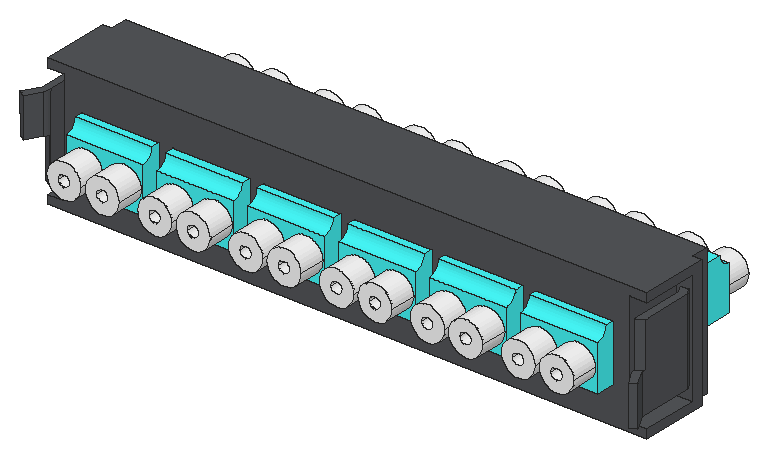
Revit family "LC Duplex 12 fibras", category Installations électriques, Revit 2020
Family settings
  Conserver l'orientation des annotations = Non
  Cote de connecteur circulaire = Utiliser le diamètre
  Type d'élément = Normal
  Basée sur le plan de construction = Non
  Toujours verticalement = Oui
  Couper avec des vides une fois chargée = Non
  Partagée = Non
  Point de calcul de pièce = Non
Parameters (values of type "Panel de adaptadores LC Duplex(AQUA)_POUR_12_FIBRES_MULTIMODE")
  Tipo de la fibra óptica = "Mutlimodal"
  Tipo de conector interno = "LC_DUPLEX"
  Tipo de conector externo = "LC_DUPLEX"
  Temperatura operativa = "-10°C à 60°C"
  Temperatura de almacenamiento = "-10°C à 60°C"
  Profundidad = 38.4 mm
  Número de pieza Legrand = "032137"
  Número de conectores = 12
  Numero RAL = "9017"
  IP = "IP20"
  IK = "IK04"
  Función = "Paneles de interconexión con optical conector Legrand"
  Formulación BIM = "Panel de adaptadores LC Duplex aqua 12 fibras multimodal"
  Elévation par défaut = 0 mm
  EAN = "3414971400313"
  E-catalogo enlace = "https://www.legrand.fr/reference/032137/pro"
  Color de los conectores = IDS_CYAN
  Color = IDS_NOIR
  Clasificación ETIM = "EC001130"
  Anchura de los conectores = 13.5 mm
  Anchura de la apertura = 6 mm
  Anchura (mm) = 108.8 mm
  Altura de los conectores = 10 mm
  Altura de la apertura = 6.5 mm
  Altura = 23 mm
Types (4, lengths in mm): name | Tipo de la fibra óptica | Tipo de conector interno | Tipo de conector externo | Número de pieza Legrand | Formulación BIM | EAN | E-catalogo enlace | Color de los conectores
  Panel de adaptadores LC Duplex 12 fibras monomodal | "unimodal" | "LC_DUPLEX" | "LC_DUPLEX" | "032114" | "Panel de adaptadores LC Duplex 12 fibras monomodal" | "3414970961730" | "https://www.legrand.fr/reference/032114/pro" | IDS_BLEU
  Panel de adaptadores LC APC 12 fibras monomodal | "unimodal" | "LC-DUPLEX" | "LC-DUPLEX" | "032116" | "Panel de adaptadores LC APC 12 fibras monomodal" | "3414970961778" | "https://www.legrand.fr/reference/032116/pro" | IDS_CYAN
  Panel de adaptadores LC Duplex 12 fibras multimodal | "Mutlimodal" | "LC_DUPLEX" | "LC_DUPLEX" | "032124" | "Panel de adaptadores LC Duplex 12 fibras multimodal" | "3414970961877" | "https://www.legrand.fr/reference/032124/pro" | IDS_JAUNE
  Panel de adaptadores LC Duplex(AQUA)_POUR_12_FIBRES_MULTIMODE | "Mutlimodal" | "LC_DUPLEX" | "LC_DUPLEX" | "032137" | "Panel de adaptadores LC Duplex aqua 12 fibras multimodal" | "3414971400313" | "https://www.legrand.fr/reference/032137/pro" | IDS_CYAN
Reference planes
  plane 1 "Centre (avant/arrière)": y = 0
  plane 2: z = 0
  plane 3 "Centre (gauche/droite)": x = 0
  plane 4 "Clip bas": z = 4
  plane 5 "Clip haut": z = 19
  plane 6: x = 105.5
  plane 7: x = 52.75
  plane 8: through (0.797, -2.504, 1200) normal (-0.866, 0.5, 0)
  plane 9: z = 6.5
  plane 10: z = 16.5
  plane 11: z = 6.5
  plane 12: z = 16.5
  plane 13: x = 6
  plane 14: x = 19.5
  plane 15: z = 23
  plane 16: x = 22
  plane 17: x = 35.5
  plane 18: x = 38
  plane 19: x = 51.5
  plane 20: x = 54
  plane 21: x = 67.5
  plane 22: x = 70
  plane 23: x = 83.5
  plane 24: x = 86
  plane 25: x = 99.5
  plane 26: y = -3.5
  plane 27: y = 25.5
  plane 28: z = 10.5
  plane 29: x = 12.75
  plane 30: x = 9.375
  plane 31: x = 16.125
  plane 32: y = 11
  plane 33: z = 10.5
  plane 34: x = 28.75
  plane 35: x = 25.375
  plane 36: x = 32.125
  plane 37: z = 10.5
  plane 38: x = 44.75
  plane 39: x = 41.375
  plane 40: x = 48.125
  plane 41: z = 10.5
  plane 42: x = 60.75
  plane 43: x = 57.375
  plane 44: x = 64.125
  plane 45: z = 10.5
  plane 46: x = 76.75
  plane 47: x = 73.375
  plane 48: x = 80.125
  plane 49: z = 10.5
  plane 50: x = 92.75
  plane 51: x = 89.375
  plane 52: x = 96.125
  plane 53: z = 10.5
  plane 54: x = 12.75
  plane 55: x = 9.375
  plane 56: x = 16.125
  plane 57: z = 10.5
  plane 58: x = 28.75
  plane 59: x = 25.375
  plane 60: x = 32.125
  plane 61: z = 10.5
  plane 62: x = 44.75
  plane 63: x = 41.375
  plane 64: x = 48.125
  plane 65: z = 10.5
  plane 66: x = 60.75
  plane 67: x = 57.375
  plane 68: x = 64.125
  plane 69: z = 10.5
  plane 70: x = 76.75
  plane 71: x = 73.375
  plane 72: x = 80.125
  plane 73: z = 10.5
  plane 74: x = 92.75
  plane 75: x = 89.375
  plane 76: x = 96.125
Forms (mm)
  Extrusion 1, solid, material "IDS_NOIR"
    sketch origin (0, 0, 0) x (1, 0, 0) y (0, 1, 0)
      loop
        line (0, 0) -> (105.5, 0) -> (105.5, 12) -> (103.9, 12) -> (103.9, 15) -> (1.6, 15) -> (1.6, 12) -> (0, 12) -> (0, 0)
    from 0 to 23
  Extrusion 2, void
    sketch origin (0, 0, 0) x (-1, 0, 0) y (0, 0, 1)
      loop
        line (0, 21.5) -> (-3, 21.5) -> (-3, 1.5) -> (0, 1.5) -> (0, 21.5)
      loop
        line (-105.5, 21.5) -> (-105.5, 1.5) -> (-102.5, 1.5) -> (-102.5, 21.5) -> (-105.5, 21.5)
    from 0 to 10
  Extrusion 3, solid, material "IDS_NOIR"
    sketch origin (0, 25.162, 4) x (0, 1, 0) y (-1, 0, 0)
      loop
        line (-29.912, 0.5) -> (-27.374, -0.965)
        arc (-27.374, -0.965) -> (-26.771, -1.215) -> (-26.124, -1.3) r 2.5
        line (-26.124, -1.3) -> (-16.662, -1.3) -> (-15.162, -2.166) -> (-15.162, -0.665) -> (-16.313, 0) -> (-26.446, 0) -> (-29.262, 1.626) -> (-29.912, 0.5)
      loop
        line (-29.912, -106) -> (-29.262, -107.126) -> (-26.446, -105.5) -> (-16.313, -105.5) -> (-15.162, -104.835) -> (-15.162, -103.334) -> (-16.662, -104.2) -> (-26.124, -104.2)
        arc (-26.124, -104.2) -> (-26.771, -104.285) -> (-27.374, -104.535) r 2.5
        line (-27.374, -104.535) -> (-29.912, -106)
    from 0 to 15
  Extrusion 4, void
    sketch origin (0.797, -2.504, 1200) x (0.5, 0.866025, 0) y (0, 0, 1)
      loop
        line (-2.593, -1196) -> (1.407, -1196) -> (1.407, -1188) -> (-2.593, -1188) -> (-2.593, -1196)
    from 0 to -2.615
  Extrusion 5, void
    sketch origin (104.703, -2.504, 1200) x (-0.5, 0.866025, 0) y (0, 0, -1)
      loop
        line (-2.593, 1181) -> (1.407, 1181) -> (1.407, 1189) -> (-2.593, 1189) -> (-2.593, 1181)
    from 0 to -2.615
  Extrusion 6, void
    sketch origin (2.941, 0, 0) x (-1, 0, 0) y (0, 0, 1)
      loop
        line (-3.059, 16.5) -> (-16.559, 16.5) -> (-16.559, 6.5) -> (-3.059, 6.5) -> (-3.059, 16.5)
      loop
        line (-19.059, 6.5) -> (-19.059, 16.5) -> (-32.559, 16.5) -> (-32.559, 6.5) -> (-19.059, 6.5)
      loop
        line (-35.059, 16.5) -> (-48.559, 16.5) -> (-48.559, 6.5) -> (-35.059, 6.5) -> (-35.059, 16.5)
      loop
        line (-51.059, 6.5) -> (-51.059, 16.5) -> (-64.559, 16.5) -> (-64.559, 6.5) -> (-51.059, 6.5)
      loop
        line (-67.059, 6.5) -> (-67.059, 16.5) -> (-80.559, 16.5) -> (-80.559, 6.5) -> (-67.059, 6.5)
      loop
        line (-83.059, 6.5) -> (-83.059, 16.5) -> (-96.559, 16.5) -> (-96.559, 6.5) -> (-83.059, 6.5)
    from 0 to 15
  Extrusion 7, void
    sketch origin (0, 0, 0) x (-1, 0, 0) y (0, 0, 1)
      loop
        line (-6, 6.5) -> (-6, 16.5) -> (-19.5, 16.5) -> (-19.5, 6.5) -> (-6, 6.5)
      loop
        line (-22, 6.5) -> (-22, 16.5) -> (-35.5, 16.5) -> (-35.5, 6.5) -> (-22, 6.5)
      loop
        line (-38, 16.5) -> (-51.5, 16.5) -> (-51.5, 6.5) -> (-38, 6.5) -> (-38, 16.5)
      loop
        line (-54, 6.5) -> (-54, 16.5) -> (-67.5, 16.5) -> (-67.5, 6.5) -> (-54, 6.5)
      loop
        line (-70, 6.5) -> (-70, 16.5) -> (-83.5, 16.5) -> (-83.5, 6.5) -> (-70, 6.5)
      loop
        line (-86, 6.5) -> (-86, 16.5) -> (-99.5, 16.5) -> (-99.5, 6.5) -> (-86, 6.5)
    from 0 to 15
  Extrusion 8, solid, material "IDS_CYAN" <- "Color de los conectores"
    sketch origin (3.167, -3.5, 1200) x (-1, 0, 0) y (0, 0, 1)
      loop
        line (-16.333, -1193.5) -> (-2.833, -1193.5) -> (-2.833, -1183.5) -> (-16.333, -1183.5) -> (-16.333, -1193.5)
      loop
        line (-18.833, -1193.5) -> (-18.833, -1183.5) -> (-32.333, -1183.5) -> (-32.333, -1193.5) -> (-18.833, -1193.5)
      loop
        line (-48.333, -1193.5) -> (-34.833, -1193.5) -> (-34.833, -1183.5) -> (-48.333, -1183.5) -> (-48.333, -1193.5)
      loop
        line (-50.833, -1193.5) -> (-50.833, -1183.5) -> (-64.333, -1183.5) -> (-64.333, -1193.5) -> (-50.833, -1193.5)
      loop
        line (-80.333, -1193.5) -> (-66.833, -1193.5) -> (-66.833, -1183.5) -> (-80.333, -1183.5) -> (-80.333, -1193.5)
      loop
        line (-82.833, -1193.5) -> (-82.833, -1183.5) -> (-96.333, -1183.5) -> (-96.333, -1193.5) -> (-82.833, -1193.5)
    from 0 to 29
  Extrusion 9, void
    sketch origin (6, -1524, 1.878) x (0, 0, 1) y (0, -1, 0)
      loop
        line (14.622, -1522.5) -> (14.622, -1520.5) -> (12.622, -1520.5)
        arc (12.622, -1520.5) -> (13.207, -1521.914) -> (14.622, -1522.5) r 2
      loop
        line (12.622, -1549.5) -> (14.622, -1549.5) -> (14.622, -1547.5)
        arc (14.622, -1547.5) -> (13.207, -1548.086) -> (12.622, -1549.5) r 2
    from 0 to 93.5
  Extrusion 10, solid, material "IDS_BLANC"
    sketch origin (3.167, -3.5, 1200) x (-1, 0, 0) y (0, 0, 1)
      loop
        circle (-6.208, -1189.5) r 3
      loop
        circle (-6.208, -1189.5) r 1
      loop
        circle (-12.958, -1189.5) r 3
      loop
        circle (-12.958, -1189.5) r 1
    from 0 to -4.7
  Extrusion 11, solid, material "IDS_BLANC"
    sketch origin (19.167, -3.5, 1200) x (-1, 0, 0) y (0, 0, 1)
      loop
        circle (-6.208, -1189.5) r 3
      loop
        circle (-6.208, -1189.5) r 1
      loop
        circle (-12.958, -1189.5) r 3
      loop
        circle (-12.958, -1189.5) r 1
    from 0 to -4.7
  Extrusion 12, solid, material "IDS_BLANC"
    sketch origin (35.167, -3.5, 1200) x (-1, 0, 0) y (0, 0, 1)
      loop
        circle (-6.208, -1189.5) r 3
      loop
        circle (-6.208, -1189.5) r 1
      loop
        circle (-12.958, -1189.5) r 3
      loop
        circle (-12.958, -1189.5) r 1
    from 0 to -4.7
  Extrusion 13, solid, material "IDS_BLANC"
    sketch origin (51.167, -3.5, 1200) x (-1, 0, 0) y (0, 0, 1)
      loop
        circle (-6.208, -1189.5) r 3
      loop
        circle (-6.208, -1189.5) r 1
      loop
        circle (-12.958, -1189.5) r 3
      loop
        circle (-12.958, -1189.5) r 1
    from 0 to -4.7
  Extrusion 14, solid, material "IDS_BLANC"
    sketch origin (67.167, -3.5, 1200) x (-1, 0, 0) y (0, 0, 1)
      loop
        circle (-6.208, -1189.5) r 3
      loop
        circle (-6.208, -1189.5) r 1
      loop
        circle (-12.958, -1189.5) r 3
      loop
        circle (-12.958, -1189.5) r 1
    from 0 to -4.7
  Extrusion 15, solid, material "IDS_BLANC"
    sketch origin (83.167, -3.5, 1200) x (-1, 0, 0) y (0, 0, 1)
      loop
        circle (-6.208, -1189.5) r 3
      loop
        circle (-6.208, -1189.5) r 1
      loop
        circle (-12.958, -1189.5) r 3
      loop
        circle (-12.958, -1189.5) r 1
    from 0 to -4.7
  Extrusion 16, solid, material "IDS_BLANC"
    sketch origin (3.167, 25.5, 1200) x (-1, 0, 0) y (0, 0, -1)
      loop
        circle (-6.208, 1189.5) r 3
      loop
        circle (-6.208, 1189.5) r 1
      loop
        circle (-12.958, 1189.5) r 3
      loop
        circle (-12.958, 1189.5) r 1
    from 0 to -4.7
  Extrusion 17, solid, material "IDS_BLANC"
    sketch origin (19.167, 25.5, 1200) x (-1, 0, 0) y (0, 0, -1)
      loop
        circle (-6.208, 1189.5) r 3
      loop
        circle (-6.208, 1189.5) r 1
      loop
        circle (-12.958, 1189.5) r 3
      loop
        circle (-12.958, 1189.5) r 1
    from 0 to -4.7
  Extrusion 18, solid, material "IDS_BLANC"
    sketch origin (35.167, 25.5, 1200) x (-1, 0, 0) y (0, 0, -1)
      loop
        circle (-6.208, 1189.5) r 3
      loop
        circle (-6.208, 1189.5) r 1
      loop
        circle (-12.958, 1189.5) r 3
      loop
        circle (-12.958, 1189.5) r 1
    from 0 to -4.7
  Extrusion 19, solid, material "IDS_BLANC"
    sketch origin (51.167, 25.5, 1200) x (-1, 0, 0) y (0, 0, -1)
      loop
        circle (-6.208, 1189.5) r 3
      loop
        circle (-6.208, 1189.5) r 1
      loop
        circle (-12.958, 1189.5) r 3
      loop
        circle (-12.958, 1189.5) r 1
    from 0 to -4.7
  Extrusion 20, solid, material "IDS_BLANC"
    sketch origin (67.167, 25.5, 1200) x (-1, 0, 0) y (0, 0, -1)
      loop
        circle (-6.208, 1189.5) r 3
      loop
        circle (-6.208, 1189.5) r 1
      loop
        circle (-12.958, 1189.5) r 3
      loop
        circle (-12.958, 1189.5) r 1
    from 0 to -4.7
  Extrusion 21, solid, material "IDS_BLANC"
    sketch origin (83.167, 25.5, 1200) x (-1, 0, 0) y (0, 0, -1)
      loop
        circle (-6.208, 1189.5) r 3
      loop
        circle (-6.208, 1189.5) r 1
      loop
        circle (-12.958, 1189.5) r 3
      loop
        circle (-12.958, 1189.5) r 1
    from 0 to -4.7
Cuts and joins
  Extrusion 2, Extrusion 6, Extrusion 7 cuts Extrusion 1
  Extrusion 4, Extrusion 5 cuts Extrusion 3
  Extrusion 9 cuts Extrusion 8
Dimensions and locks
  locked: plane 1 "Centre (avant/arrière)" to Extrusion 1 sketch curve at 15
  locked: Extrusion 1 sketch curve to Extrusion 1 sketch curve at 105.5
  locked: Extrusion 1 sketch curve to Extrusion 1 sketch curve at 1.6  (x2)
  locked: Extrusion 1 sketch curve to Extrusion 1 sketch curve at 12
  locked: Extrusion 2 sketch curve to level at 1.5
  locked: Extrusion 1 to Extrusion 2 sketch curve at 1.5
  locked: Extrusion 2 sketch curve to plane 3 "Centre (gauche/droite)" at 3
  locked: Extrusion 2 sketch curve to Extrusion 1 at 3
  plane 4 "Clip bas" to level = 4 mm
  cut or joined group of Extrusion 1, Extrusion 2, Extrusion 6, Extrusion 7 to plane 5 "Clip haut" = 4 mm
  locked: Extrusion 3 sketch curve to plane 3 "Centre (gauche/droite)" at 0.5
  locked: Extrusion 3 sketch curve to plane 1 "Centre (avant/arrière)" at 4.75
  locked: plane 3 "Centre (gauche/droite)" to Extrusion 3 sketch curve at 1.3
  plane 1 "Centre (avant/arrière)" to Extrusion 3 sketch curve = 8.5 mm
  equal spacing: plane 3 "Centre (gauche/droite)", plane 7, plane 6, locked at 52.75 each
  locked: Extrusion 3 to Extrusion 4 sketch curve at 4
  locked: Extrusion 3 to Extrusion 4 sketch curve at 8
  cut or joined group of Extrusion 3, Extrusion 4, Extrusion 5 to Extrusion 5 sketch curve = 8 mm
  Extrusion 5 sketch curve to cut or joined group of Extrusion 3, Extrusion 4, Extrusion 5 = 4 mm
  "Altura de la apertura": plane 9 to level
  "Altura de los conectores": plane 10 to plane 9
  "Altura de los conectores": plane 12 to plane 11
  "Anchura de la apertura": plane 13 to plane 3 "Centre (gauche/droite)"
  "Anchura de los conectores": plane 13 to plane 14
  locked: plane 15 to level at 23
  "Altura de la apertura": plane 15 to plane 12
  "Anchura de los conectores": plane 16 to plane 17
  locked: plane 14 to plane 16 at 2.5
  locked: plane 17 to plane 18 at 2.5
  "Anchura de los conectores": plane 18 to plane 19
  "Anchura de la apertura": plane 6 to plane 25
  "Anchura de los conectores": plane 24 to plane 25
  locked: plane 24 to plane 23 at 2.5
  "Anchura de los conectores": plane 23 to plane 22
  plane 21 to plane 22 = 2.5 mm
  "Anchura de los conectores": plane 21 to plane 20
  locked: plane 26 to cut or joined group of Extrusion 1, Extrusion 2, Extrusion 6, Extrusion 7 at 3.5
  locked: plane 27 to cut or joined group of Extrusion 1, Extrusion 2, Extrusion 6, Extrusion 7 at 10.5
  equal spacing: cut or joined group of Extrusion 8, Extrusion 9, plane 29, cut or joined group of Extrusion 8, Extrusion 9
  equal spacing: cut or joined group of Extrusion 8, Extrusion 9, plane 30, plane 29
  equal spacing: cut or joined group of Extrusion 8, Extrusion 9, plane 31, plane 29
  equal spacing: plane 27, plane 32, plane 26
  equal spacing: cut or joined group of Extrusion 8, Extrusion 9, plane 28, cut or joined group of Extrusion 8, Extrusion 9
  plane 35 to plane 34 = 3.375 mm
  plane 36 to plane 34 = 3.375 mm
  plane 39 to plane 38 = 3.375 mm
  plane 40 to plane 38 = 3.375 mm
  plane 43 to plane 42 = 3.375 mm
  plane 44 to plane 42 = 3.375 mm
  plane 47 to plane 46 = 3.375 mm
  plane 48 to plane 46 = 3.375 mm
  plane 51 to plane 50 = 3.375 mm
  plane 52 to plane 50 = 3.375 mm
  plane 55 to plane 54 = 3.375 mm
  plane 56 to plane 54 = 3.375 mm
  plane 59 to plane 58 = 3.375 mm
  plane 60 to plane 58 = 3.375 mm
  plane 63 to plane 62 = 3.375 mm
  plane 64 to plane 62 = 3.375 mm
  plane 67 to plane 66 = 3.375 mm
  plane 68 to plane 66 = 3.375 mm
  plane 71 to plane 70 = 3.375 mm
  plane 72 to plane 70 = 3.375 mm
  plane 75 to plane 74 = 3.375 mm
  plane 76 to plane 74 = 3.375 mm
  radius of Extrusion 9 sketch curve = 2 mm  (x2)
  locked: cut or joined group of Extrusion 1, Extrusion 2, Extrusion 6, Extrusion 7 to Extrusion 3 sketch curve (angle 60.00°)
  aligned and locked: level to plane 2
  aligned and locked: plane 5 "Clip haut" to Extrusion 3
  aligned and locked: Extrusion 3 to plane 4 "Clip bas"
  aligned and locked: plane 6 to cut or joined group of Extrusion 1, Extrusion 2, Extrusion 6, Extrusion 7
  aligned and locked: Extrusion 4 sketch curve to Extrusion 3
  aligned and locked: Extrusion 3 to Extrusion 4 sketch curve
  aligned and locked: plane 8 to Extrusion 3
  aligned and locked: Extrusion 5 sketch curve to cut or joined group of Extrusion 3, Extrusion 4, Extrusion 5
  aligned and locked: plane 15 to cut or joined group of Extrusion 1, Extrusion 2, Extrusion 6, Extrusion 7
  aligned and locked: Extrusion 6 to plane 9
  aligned and locked: plane 10 to Extrusion 6
  aligned and locked: plane 13 to Extrusion 6
  aligned and locked: Extrusion 6 to plane 14
  aligned and locked: plane 9 to Extrusion 6 sketch curve  (x4)
  aligned and locked: Extrusion 6 sketch curve to plane 16
  aligned and locked: Extrusion 6 sketch curve to plane 10  (x4)
  aligned and locked: plane 17 to Extrusion 6 sketch curve
  aligned and locked: plane 10 to Extrusion 6 sketch curve
  aligned and locked: plane 18 to Extrusion 6 sketch curve
  aligned and locked: Extrusion 6 sketch curve to plane 9
  aligned and locked: plane 19 to Extrusion 6 sketch curve
  aligned and locked: Extrusion 6 sketch curve to plane 20
  aligned and locked: Extrusion 6 sketch curve to plane 21
  aligned and locked: Extrusion 6 sketch curve to plane 22
  aligned and locked: Extrusion 6 sketch curve to plane 23
  aligned and locked: Extrusion 6 sketch curve to plane 24
  aligned and locked: Extrusion 6 sketch curve to plane 25
  aligned and locked: plane 11 to Extrusion 7 sketch curve  (x5)
  aligned and locked: Extrusion 7 sketch curve to plane 12  (x5)
  aligned and locked: plane 14 to Extrusion 7 sketch curve
  aligned and locked: Extrusion 7 sketch curve to plane 13
  aligned and locked: Extrusion 7 sketch curve to plane 16
  aligned and locked: plane 17 to Extrusion 7 sketch curve
  aligned and locked: plane 12 to Extrusion 7 sketch curve
  aligned and locked: plane 18 to Extrusion 7 sketch curve
  aligned and locked: Extrusion 7 sketch curve to plane 11
  aligned and locked: plane 19 to Extrusion 7 sketch curve
  aligned and locked: Extrusion 7 sketch curve to plane 20
  aligned and locked: Extrusion 7 sketch curve to plane 21
  aligned and locked: Extrusion 7 sketch curve to plane 22
  aligned and locked: Extrusion 7 sketch curve to plane 23
  aligned and locked: Extrusion 7 sketch curve to plane 24
  aligned and locked: Extrusion 7 sketch curve to plane 25
  aligned and locked: Extrusion 1 to Extrusion 7
  aligned and locked: Extrusion 1 to Extrusion 6
  aligned and locked: Extrusion 2 sketch curve to Extrusion 2 sketch curve  (x2)
  aligned and locked: Extrusion 8 sketch curve to cut or joined group of Extrusion 1, Extrusion 2, Extrusion 6, Extrusion 7  (x6)
  aligned and locked: cut or joined group of Extrusion 1, Extrusion 2, Extrusion 6, Extrusion 7 to Extrusion 8 sketch curve  (x6)
  aligned and locked: plane 27 to Extrusion 8
  aligned and locked: Extrusion 8 to Extrusion 9 sketch curve  (x2)
  aligned and locked: Extrusion 9 to cut or joined group of Extrusion 1, Extrusion 2, Extrusion 6, Extrusion 7
Automatic sketch dimensions
  plane 1 "Centre (avant/arrière)" to Extrusion 1 sketch curve = 0 mm
  Extrusion 1 sketch curve to plane 3 "Centre (gauche/droite)" = 0 mm
  plane 32 to Extrusion 1 sketch curve = 1 mm
  plane 6 to Extrusion 2 sketch curve = 0 mm
  Extrusion 2 sketch curve to plane 3 "Centre (gauche/droite)" = 0 mm
  Extrusion 3 sketch curve to plane 6 = 0 mm
  Extrusion 3 sketch curve to plane 3 "Centre (gauche/droite)" = 0 mm
  Extrusion 3 sketch curve to plane 26 = 1.25 mm
  Extrusion 3 sketch curve to plane 26 = 0.6 mm  (x2)
  plane 3 "Centre (gauche/droite)" to Extrusion 3 sketch curve = 0.965 mm
  plane 26 to Extrusion 3 sketch curve = 1.288 mm
  plane 1 "Centre (avant/arrière)" to Extrusion 3 sketch curve = 1.284 mm
  plane 1 "Centre (avant/arrière)" to Extrusion 3 sketch curve = 0.962 mm  (x2)
  Extrusion 3 sketch curve to plane 32 = 2.5 mm
  Extrusion 3 sketch curve to Extrusion 3 sketch curve = 0.348 mm  (x2)
  Extrusion 3 sketch curve to plane 32 = 1 mm  (x2)
  Extrusion 3 sketch curve to plane 6 = 0.5 mm
  Extrusion 3 sketch curve to plane 6 = 1.2 mm
  plane 6 to Extrusion 3 sketch curve = 0.665 mm
  Extrusion 3 sketch curve to Extrusion 3 sketch curve = 1.501 mm
  Extrusion 3 sketch curve to Extrusion 3 sketch curve = 0.866 mm
  plane 3 "Centre (gauche/droite)" to Extrusion 3 sketch curve = 0.665 mm
  Extrusion 5 sketch curve to Extrusion 5 sketch curve = 4 mm
  Extrusion 6 sketch curve to plane 10 = 0 mm
  plane 14 to Extrusion 6 sketch curve = 0 mm
  Extrusion 6 sketch curve to plane 9 = 0 mm
  plane 13 to Extrusion 6 sketch curve = 0 mm
  Extrusion 8 sketch curve to plane 9 = 0 mm  (x6)
  Extrusion 8 sketch curve to plane 10 = 0 mm  (x6)
  Extrusion 9 sketch curve to plane 10 = 0 mm  (x2)
  Extrusion 10 sketch curve to Extrusion 10 sketch curve = 0 mm  (x4)
  Extrusion 10 sketch curve to plane 28 = 0 mm  (x2)
  plane 31 to Extrusion 10 sketch curve = 0 mm
  Extrusion 10 sketch curve to plane 30 = 0 mm
  Extrusion 11 sketch curve to Extrusion 11 sketch curve = 0 mm  (x4)
  Extrusion 11 sketch curve to plane 33 = 0 mm  (x2)
  plane 36 to Extrusion 11 sketch curve = 0 mm
  Extrusion 11 sketch curve to plane 35 = 0 mm
  Extrusion 12 sketch curve to Extrusion 12 sketch curve = 0 mm  (x4)
  Extrusion 12 sketch curve to plane 37 = 0 mm  (x2)
  plane 40 to Extrusion 12 sketch curve = 0 mm
  Extrusion 12 sketch curve to plane 39 = 0 mm
  Extrusion 13 sketch curve to Extrusion 13 sketch curve = 0 mm  (x4)
  Extrusion 13 sketch curve to plane 41 = 0 mm  (x2)
  plane 44 to Extrusion 13 sketch curve = 0 mm
  Extrusion 13 sketch curve to plane 43 = 0 mm
  Extrusion 14 sketch curve to Extrusion 14 sketch curve = 0 mm  (x4)
  Extrusion 14 sketch curve to plane 45 = 0 mm  (x2)
  plane 48 to Extrusion 14 sketch curve = 0 mm
  Extrusion 14 sketch curve to plane 47 = 0 mm
  Extrusion 15 sketch curve to Extrusion 15 sketch curve = 0 mm  (x4)
  Extrusion 15 sketch curve to plane 49 = 0 mm  (x2)
  plane 52 to Extrusion 15 sketch curve = 0 mm
  Extrusion 15 sketch curve to plane 51 = 0 mm
  Extrusion 16 sketch curve to Extrusion 16 sketch curve = 0 mm  (x4)
  Extrusion 16 sketch curve to plane 53 = 0 mm  (x2)
  plane 56 to Extrusion 16 sketch curve = 0 mm
  Extrusion 16 sketch curve to plane 55 = 0 mm
  Extrusion 17 sketch curve to Extrusion 17 sketch curve = 0 mm  (x4)
  Extrusion 17 sketch curve to plane 57 = 0 mm  (x2)
  plane 60 to Extrusion 17 sketch curve = 0 mm
  Extrusion 17 sketch curve to plane 59 = 0 mm
  Extrusion 18 sketch curve to Extrusion 18 sketch curve = 0 mm  (x4)
  Extrusion 18 sketch curve to plane 61 = 0 mm  (x2)
  plane 64 to Extrusion 18 sketch curve = 0 mm
  Extrusion 18 sketch curve to plane 63 = 0 mm
  Extrusion 19 sketch curve to Extrusion 19 sketch curve = 0 mm  (x4)
  Extrusion 19 sketch curve to plane 65 = 0 mm  (x2)
  plane 68 to Extrusion 19 sketch curve = 0 mm
  Extrusion 19 sketch curve to plane 67 = 0 mm
  Extrusion 20 sketch curve to Extrusion 20 sketch curve = 0 mm  (x4)
  Extrusion 20 sketch curve to plane 69 = 0 mm  (x2)
  plane 72 to Extrusion 20 sketch curve = 0 mm
  Extrusion 20 sketch curve to plane 71 = 0 mm
  Extrusion 21 sketch curve to Extrusion 21 sketch curve = 0 mm  (x4)
  Extrusion 21 sketch curve to plane 73 = 0 mm  (x2)
  plane 76 to Extrusion 21 sketch curve = 0 mm
  Extrusion 21 sketch curve to plane 75 = 0 mm
  radius of Extrusion 10 sketch curve = 3 mm  (x2)
  radius of Extrusion 10 sketch curve = 1 mm  (x2)
  radius of Extrusion 11 sketch curve = 3 mm  (x2)
  radius of Extrusion 11 sketch curve = 1 mm  (x2)
  radius of Extrusion 12 sketch curve = 3 mm  (x2)
  radius of Extrusion 12 sketch curve = 1 mm  (x2)
  radius of Extrusion 13 sketch curve = 3 mm  (x2)
  radius of Extrusion 13 sketch curve = 1 mm  (x2)
  radius of Extrusion 14 sketch curve = 3 mm  (x2)
  radius of Extrusion 14 sketch curve = 1 mm  (x2)
  radius of Extrusion 15 sketch curve = 3 mm  (x2)
  radius of Extrusion 15 sketch curve = 1 mm  (x2)
  radius of Extrusion 16 sketch curve = 3 mm  (x2)
  radius of Extrusion 16 sketch curve = 1 mm  (x2)
  radius of Extrusion 17 sketch curve = 3 mm  (x2)
  radius of Extrusion 17 sketch curve = 1 mm  (x2)
  radius of Extrusion 18 sketch curve = 3 mm  (x2)
  radius of Extrusion 18 sketch curve = 1 mm  (x2)
  radius of Extrusion 19 sketch curve = 3 mm  (x2)
  radius of Extrusion 19 sketch curve = 1 mm  (x2)
  radius of Extrusion 20 sketch curve = 3 mm  (x2)
  radius of Extrusion 20 sketch curve = 1 mm  (x2)
  radius of Extrusion 21 sketch curve = 3 mm  (x2)
  radius of Extrusion 21 sketch curve = 1 mm  (x2)
